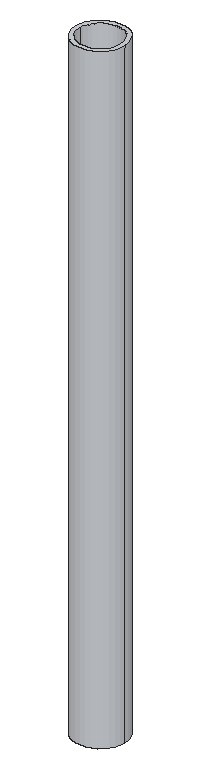
Revit family "小竖杆", category 栏杆, Revit 2026
Family settings
  总是垂直 = 是
  载入时剪切的空心 = 否
  共享 = 否
Parameters
  built-in parameter 1008623 [instance] = 32.47°
  外半径 = 30 mm
  built-in parameter 1008625 [instance] = (empty or 0)
  Post = no
  built-in parameter 1008624 [instance] = 32.47°
  built-in parameter 1008622 [instance] = 750 mm
  内半径 = 25 mm
Reference planes
  plane 1 "中心(前/后)": y = 0
  plane 2: z = 0
  plane 3 "中心(左/右)": x = 0
  plane 4 "顶部": z = 750
  plane 5 "顶交角": through (0, 339.699, 533.838) normal (0, -0.5369, -0.8437)
  plane 6 "底交角": through (0, 0, 0) normal (0, -0.5369, -0.8437)
Forms (mm)
  Extrusion 1, solid
    sketch origin (0, 0, 0) x (1, 0, 0) y (0, 1, 0)
      loop
        circle (0, 0) r 30
      loop
        circle (0, 0) r 25
    from 0 to 750
Text (mm)
  text "栏杆立面" at (0, 987.338, 1092.824), in view "左"
Dimensions and locks
  "built-in parameter 1008622": plane 2 to plane 4 "顶部"
  "内半径": radius of Extrusion 1 sketch curve
  "外半径": radius of Extrusion 1 sketch curve
  "built-in parameter 1008623": angle plane 4 "顶部" to plane 5 "顶交角"
  "built-in parameter 1008624": angle level to plane 6 "底交角"
  aligned and locked: plane 2 to level
  aligned and locked: Extrusion 1 to plane 4 "顶部"
  aligned and locked: Extrusion 1 to level
Automatic sketch dimensions
  Extrusion 1 sketch curve to Extrusion 1 sketch curve = 0 mm  (x2)
  plane 1 "中心(前/后)" to Extrusion 1 sketch curve = 0 mm
  Extrusion 1 sketch curve to plane 3 "中心(左/右)" = 0 mm
